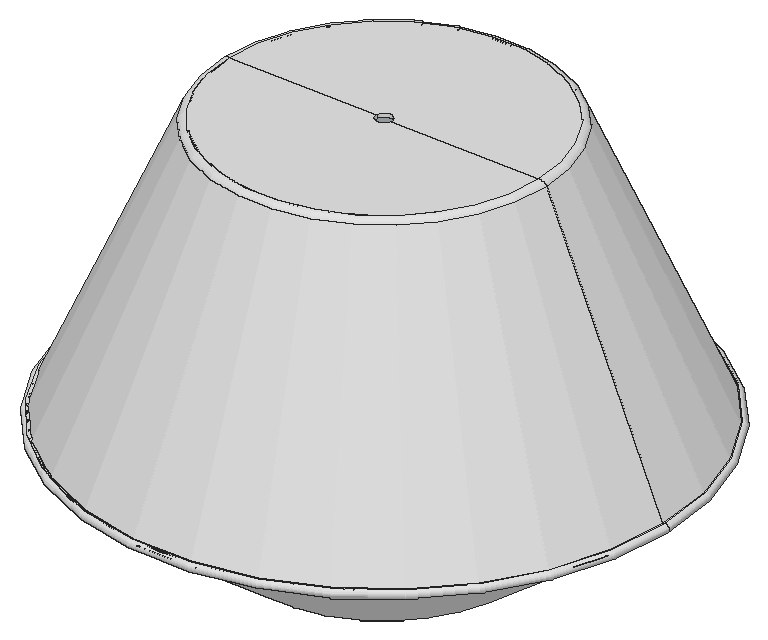
Revit family "PET SHADE", category Lighting Fixtures, Revit 2024
Family settings
  Round Connector Dimension = Use Diameter
  Part Type = Normal
  OmniClass Number = 23.80.70.00
  OmniClass Title = Lighting
  Work Plane-Based = No
  Always vertical = Yes
  Cut with Voids When Loaded = No
  Light Source = Yes
  Maintain Annotation Orientation = No
  Shared = No
  Room Calculation Point = No
Parameters
  Wattage = 12.1178 W
  built-in parameter 1150110 = 1 (stored number, unit not read)
  built-in parameter 1114217 = 1 (stored number, unit not read)
  built-in parameter 1150109 = 1 (stored number, unit not read)
  built-in parameter 1150134 = (empty or 0)
  built-in parameter 1150113 = 1 (stored number, unit not read)
  Lumens = 1800 lm
  built-in parameter 1150115 = 1 (stored number, unit not read)
  built-in parameter 1150105 = 572.96 (stored number, unit not read)
  Light Source Symbol Size = 2' - 0"
  built-in parameter 1150137 = (empty or 0)
  built-in parameter 1150139 = (empty or 0)
  built-in parameter 1150112 = 1 (stored number, unit not read)
  built-in parameter 1150114 = 1 (stored number, unit not read)
  built-in parameter 1150132 = 2
  built-in parameter 1150102 = (empty or 0)
  built-in parameter 1150138 = (empty or 0)
  built-in parameter 1150107 = 3000 (stored number, unit not read)
  built-in parameter 1150106 = 5.7296 (stored number, unit not read)
  built-in parameter 1150104 = 13.8 (stored number, unit not read)
  Dimming Lamp Color Temperature Shift = (empty or 0)
  Default Elevation = 0' - 0"
  Color Filter = 16777215
  built-in parameter 1114218 = 1 (stored number, unit not read)
  built-in parameter 1150133 = 10 (stored number, unit not read)
Reference planes (in)
  plane 1 "Light Source Axis (F/B)": y = 0
  plane 2: z = 0
  plane 3 "Light Source Axis (L/R)": x = 0
  plane 4 "Light Source Elevation": z = 84
Forms (in)
  Revolve 1, solid
    sketch origin (0, 0, 0) x (1, 0, 0) y (0, 0, 1)
      loop
        line (-0.25, 96) -> (-4.90064, 96)
        arc (-4.90064, 96) -> (-5.03651, 95.95985) -> (-5.12874, 95.85231) r 0.25
        line (-5.12874, 95.85231) -> (-8.81893, 87.625) -> (-8.875, 87.625)
        arc (-8.875, 87.625) -> (-9, 87.5) -> (-8.875, 87.375) r 0.125
        line (-8.875, 87.375) -> (-8.70089, 87.375) -> (-4.06535, 84.04692)
        arc (-4.06535, 84.04692) -> (-3.99613, 84.01202) -> (-3.91955, 84) r 0.25
        line (-3.91955, 84) -> (-3.91955, 84.09375)
        arc (-3.91955, 84.09375) -> (-3.96741, 84.10126) -> (-4.01068, 84.12307) r 0.15625
        line (-4.01068, 84.12307) -> (-8.75812, 87.5315) -> (-5.0432, 95.81395)
        arc (-5.0432, 95.81395) -> (-4.98556, 95.88116) -> (-4.90064, 95.90625) r 0.15625
        line (-4.90064, 95.90625) -> (-0.25, 95.90625) -> (-0.25, 96)
      axis (0, 84) -> (0, 96)
    angle from 0 to 360
Dimensions and locks (in)
  aligned and locked: plane 3 "Light Source Axis (L/R)" to imposter light
  aligned and locked: plane 1 "Light Source Axis (F/B)" to imposter light
  aligned and locked: plane 4 "Light Source Elevation" to imposter light
  aligned and locked: level to plane 2
